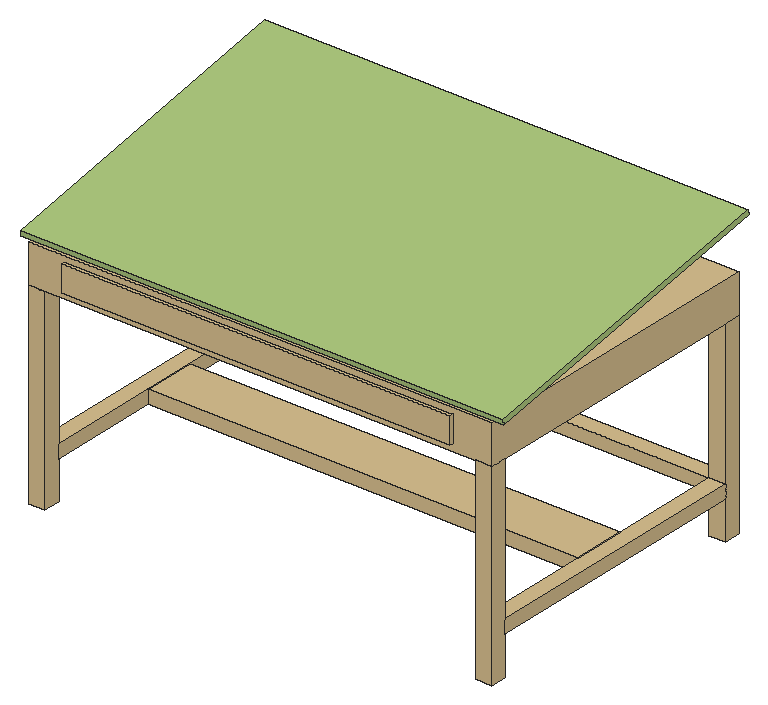
Revit family
Parameters
  Material Frame = Wood - Pine
  Material Board = Plastic - Green
  Keynote = "N"
  Assembly Code = "E2020200"
  Length = 1800 mm
  Width = 1200 mm
Reference planes
  plane 1 "Center F/B": y = -93.469
  plane 2: z = 0
  plane 3 "Center L/R": x = 80.554
  plane 4: x = -819.446
  plane 5: x = 980.554
  plane 6: y = -693.469
  plane 7: y = 506.531
  plane 8: through (0, -177.572, 1007.059) normal (0, 0.1736, -0.9848)
  plane 9: x = -857.546
  plane 10: x = 1018.654
Forms (mm)
  Extrusion 1, solid, material "Wood - Pine" <- "Material Frame"
    sketch origin (0, 0, 0) x (1, 0, 0) y (0, 1, 0)
      loop
        line (-819.446, 506.531) -> (-819.446, -693.469) -> (980.554, -693.469) -> (980.554, 506.531) -> (-819.446, 506.531)
    from 762 to 914.4
  Extrusion 2, solid, material "Wood - Pine" <- "Material Frame"
    sketch origin (0, 0, 0) x (1, 0, 0) y (0, 1, 0)
      loop
        line (-819.446, 506.531) -> (-819.446, 443.031) -> (-755.946, 443.031) -> (-755.946, 506.531) -> (-819.446, 506.531)
      loop
        line (-819.446, -693.469) -> (-755.946, -693.469) -> (-755.946, -629.969) -> (-819.446, -629.969) -> (-819.446, -693.469)
      loop
        line (980.554, -693.469) -> (980.554, -629.969) -> (917.054, -629.969) -> (917.054, -693.469) -> (980.554, -693.469)
      loop
        line (980.554, 506.531) -> (917.054, 506.531) -> (917.054, 443.031) -> (980.554, 443.031) -> (980.554, 506.531)
    from 0 to 762
  Extrusion 3, solid, material "Wood - Pine" <- "Material Frame"
    sketch origin (0, 0, 0) x (1, 0, 0) y (0, 1, 0)
      loop
        line (-819.446, -629.969) -> (-755.946, -629.969) -> (-755.946, 443.031) -> (-819.446, 443.031) -> (-819.446, -629.969)
      loop
        line (917.054, 443.031) -> (917.054, -629.969) -> (980.554, -629.969) -> (980.554, 443.031) -> (917.054, 443.031)
    from 152.4 to 203.2
  Extrusion 4, solid, material "Wood - Pine" <- "Material Frame"
    sketch origin (0, 0, 0) x (1, 0, 0) y (0, 1, 0)
      loop
        line (-755.946, 506.531) -> (-755.946, 443.031) -> (917.054, 443.031) -> (917.054, 506.531) -> (-755.946, 506.531)
    from 152.4 to 203.2
  Extrusion 5, solid, material "Wood - Pine" <- "Material Frame"
    sketch origin (0, 0, 0) x (1, 0, 0) y (0, 1, 0)
      loop
        line (-755.946, -195.069) -> (917.054, -195.069) -> (917.054, 8.485) -> (-755.946, 8.485) -> (-755.946, -195.069)
    from 152.4 to 203.2
  Extrusion 6, solid, material "Plastic - Green" <- "Material Board"
    sketch origin (80.554, 0, 0) x (0, 1, 0) y (0, 0, 1)
      loop
        line (-684.648, 917.648) -> (506.531, 1127.685) -> (503.223, 1146.446) -> (-687.956, 936.409) -> (-684.648, 917.648)
    from -938.1 to 938.1
  Extrusion 7, solid, material "Wood - Pine" <- "Material Frame"
    sketch origin (-819.446, -693.469, 914.4) x (0, 0, -1) y (1, 0, 0)
      loop
        line (22.434, 138) -> (125.847, 138) -> (125.847, 1647.6) -> (22.434, 1647.6) -> (22.434, 138)
    from 0 to 12.7
Lines and regions (mm)
  Masking region 1
    outline origin (0, 0, 0) x (1, 0, 0) y (0, 1, 0)
      loop
        line (-857.546, -693.469) -> (1018.654, -693.469) -> (1018.654, 506.531) -> (-857.546, 506.531) -> (-857.546, -693.469)
  symbolic lines
    curve 1: line (-857.546, 506.531, 0) -> (1018.654, 506.531, 0)
    curve 2: line (-857.546, -693.469, 0) -> (-857.546, 506.531, 0)
    curve 3: line (1018.654, -693.469, 0) -> (-857.546, -693.469, 0)
    curve 4: line (1018.654, 506.531, 0) -> (1018.654, -693.469, 0)
Dimensions and locks
  equal spacing: plane 6, plane 1 "Center F/B", plane 7
  equal spacing: plane 4, plane 3 "Center L/R", plane 5
  "Length": plane 4 to plane 5
  "Width": plane 7 to plane 6
  locked: plane 9 to plane 4 at 38.1
  locked: plane 5 to plane 10 at 38.1
  aligned and locked: Extrusion 6 to plane 9
  aligned and locked: plane 10 to Extrusion 6
  aligned: Masking region 1 sketch curve to plane 6
  aligned: plane 7 to Masking region 1 sketch curve
Automatic sketch dimensions
  plane 6 to Extrusion 6 sketch curve = 5.513 mm
  Extrusion 6 sketch curve to plane 7 = 0 mm
  Extrusion 7 sketch curve to plane 3 "Center L/R" = 762 mm
  plane 5 to Extrusion 7 sketch curve = 152.4 mm
  curve 3 to plane 6 = 0 mm
  curve 3 to plane 9 = 0 mm
  curve 3 to plane 10 = 0 mm
  curve 2 to plane 7 = 0 mm
  Masking region 1 sketch curve to plane 7 = 0 mm
  Masking region 1 sketch curve to plane 9 = 0 mm
  Masking region 1 sketch curve to plane 10 = 0 mm
  Masking region 1 sketch curve to plane 6 = 0 mm
